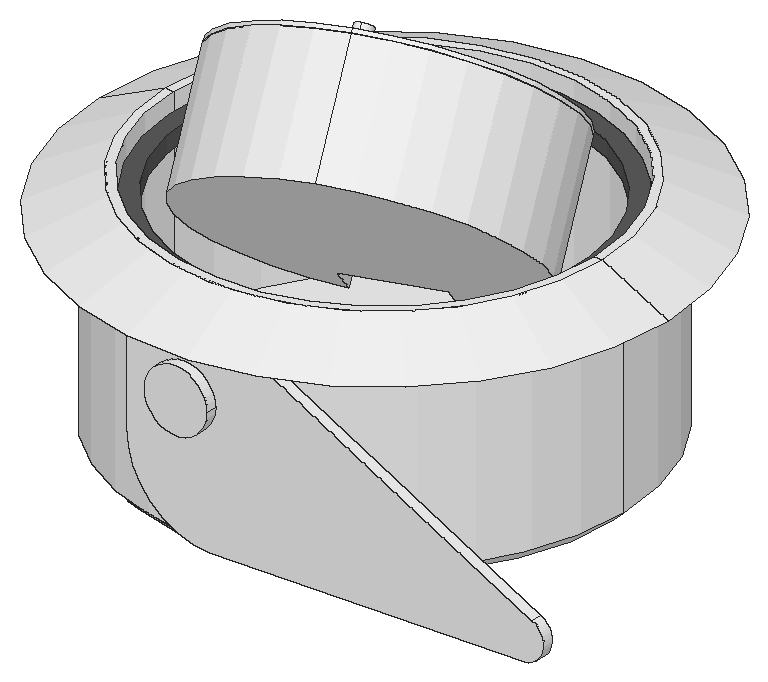
Revit family "Ciak 1.7", category Lighting Fixtures, host Face, Revit 2017
Family settings
  Host = Face
  Round Connector Dimension = Use Diameter
  Part Type = Normal
  Cut with Voids When Loaded = Yes
  Light Source = No
  Shared = No
  Room Calculation Point = Yes
Parameters (values of type "Ciak 1.7_L 52° (3000K 2.5W 24Vdc)")
  Wiring = "parallel"
  Width mm = 46 mm
  Weight kg = "0.07"
  Voltage = 24 V
  Vertical rotation adjusted [instance] = if(Vertical rotation > Vertical rotation max, Vertical rotation max, Vertical rotation)  # 45.00°
  Vertical rotation [instance] = 45.00°
  Vertical rotation max = 70.00°
  URL Technical sheet = "https://www.lucelight.it/media/prodotti/st/ST_CIAK_17.pdf"
  URL Image = "https://www.lucelight.it/media/prodotti/foto/ciak_1.7_still.jpg"
  URL IES Photometric file = "https://www.lucelight.it/media/prodotti/fotometrie/ciak_1.7_ies.zip"
  URL General code = "https://www.lucelight.it/en/prodotto.php/102865#a-generacodice"
  URL Description = "https://www.lucelight.it/en/capitolato.php/102865"
  URL DXF = "https://www.lucelight.it/media/prodotti/dxf/ciak_1.7.dxf"
  URL Catalogue = "https://www.lucelight.it/media/prodotti/brochure/ciak_brochure_en.pdf"
  URL Accessories and power supply units = "https://www.lucelight.it/en/prodotto.php/102865#a-scheda-accessori"
  URL = "https://www.lucelight.it/en/prodotto.php/102865"
  Trim = L&L_Black aluminium
  Radius void = 25 mm
  Power supply unit = "not included"
  Power supply = "24Vdc"
  Power cables = "includes 1.5 m PVC cable FROR 2x0.35/0.35 diam. 3.5 m"
  Power = "2.5W"
  Optics = "52°"
  Notes = "-"
  No. and type of led = "1 power LED"
  Model = "Ciak 1.7"
  Manufacturer = "L&L Luce&Light"
  Light Source = Light Source_1.7 : L52°
  Geometry 2 = Ciak 1.7_mod : Ciak 1.7
  Mounting = "recessed (ceiling, shelf, shop window)"
  Material = "body and trim in aluminium"
  Lumen output at source = "157 lm (3000K)"
  Lens = L&L_Lens
  Length mm = 46 mm
  LED Colour = "3000K (also available: 2700K and 4000K - ref. URL Technical sheet)"
  L1 = 10.5 mm
  IP = "40"
  Horizontal rotation [instance] = 70.00°
  Horizontal rotation max = 350.00°
  Horizontal rotation adjusted [instance] = if(Horizontal rotation > Horizontal rotation max, Horizontal rotation max, Horizontal rotation)  # 70.00°
  Height void = 19 mm
  Height mm = 22 mm
  Geometry 1 = Ciak 1.0_Geometry 1 : Ciak 1.0_Geometry 1
  Features = "-"
  Energy efficiency class = "A A+ A++"
  Description = "indoor recessed"
  Delivered lumen output = "144 lm (3000K, 29°)"
  Default Elevation = 1219.2 mm
  Cutout dimensions = "diam. 50 mm"
  Control system = "-"
  Contact = "T: +39 0444 360571; E: lucelight@lucelight.it"
  Company = "L&L Luce&Light"
  Code = "CK17001 B White; CK17001 N Black"
  CRI = "90"
  Body = L&L_White aluminium
  Geometry 3 = Ciak 1.0_Geometry 3 : Ciak 1.0_Geometry 3
  Apparent Load Phase 1 = 2.5 W
Types (5, lengths in mm): name | Optics | Light Source
  Ciak 1.7_L 52° (3000K 2.5W 24Vdc) | "52°" | Light Source_1.7 : L52°
  Ciak 1.7_M 29° (3000K 2.5W 24Vdc) | "29°" | Light Source_1.7 : M29°
  Ciak 1.7_P 48° (3000K 2.5W 24Vdc) | "48°" | Light Source_1.7 : P48°
  Ciak 1.7_S 17° (3000K 2.5W 24Vdc) | "17°" | Light Source_1.7 : S17°
  Ciak 1.7_W 16°x34° (3000K 2.5W 24Vdc) | "16°x34°" | Light Source_1.7 : W16°x34°
Reference planes
  plane 1 "Center (Front/Back)": y = 0
  plane 2: z = 0
  plane 3 "Center (Left/Right)": x = 0
  plane 4: z = -19
Forms (mm)
  Extrusion 1, void
    sketch origin (0, 0, 0) x (-0.939693, -0.34202, 0) y (-0.34202, 0.939693, 0)
      loop
        circle (0, 0) r 25
    from 0 to 19
Lines and regions (mm)
  reference lines
    curve 1: line (0, 0, 0) -> (-3.591, 9.867, 0)
    curve 2: line (-3.591, 9.867, 0) -> (-3.591, 9.867, 1.5)
Dimensions and locks
  "L1": curve 1 to curve 1
  "Height void": plane 4 to plane 2
  "Radius void": radius of Extrusion 1 sketch curve
  "Horizontal rotation adjusted": angle curve 1 to plane 1 "Center (Front/Back)"
  aligned and locked: plane 2 to host face
  aligned and locked: level to host face
  aligned and locked: Extrusion 1 to plane 4
  aligned and locked: plane 2 to Extrusion 1
Automatic sketch dimensions
  host sketch curve to host sketch curve = 2438.4 mm  (x2)
  curve 2 to curve 1 = 0 mm  (x2)
  curve 1 to curve 2 = 1.5 mm
  plane 1 "Center (Front/Back)" to curve 1 = 0 mm
  curve 1 to plane 3 "Center (Left/Right)" = 0 mm
  Extrusion 1 sketch curve to curve 1 = 0 mm  (x2)
Nested families
  nested 1: "Ciak 1.0_Geometry 3" at (0, 0, 0) x (0.342, -0.9397, 0) z (0, 0, 1), type <- "Geometry 3", type "Ciak 1.0_Geometry 3"
  nested 2: "Ciak 1.0_Geometry 1" at (0, 0, 0), type <- "Geometry 1", type "Ciak 1.0_Geometry 1"
  nested 3: "Ciak 1.7_mod" at (-3.591, 9.867, 1.1) x (-0.342, 0.9397, 0) z (0, 0, 1), type <- "Geometry 2", Vertical rotation <- "Vertical rotation adjusted", type "Ciak 1.7"
    with Vertical rotation 45.00°
  nested 4: "Light Source_1.7" at (-0.392, 3.174, 8.625) x (0.9397, 0.342, 0) z (-0.2418, 0.6645, 0.7071), type <- "Light Source", type "L52°"
Connectors
  electrical at (0, 0, 0), driven by "Voltage", driven by "Apparent Load Phase 1"
    settings: on host face, index 1, voltage 24 V, apparent load 0 VA, apparent load phase1 2.5 VA, apparent load phase2 0 VA, apparent load phase3 0 VA, power factor 1, load classification "Lighting", number of poles 1, system type 31, power factor state 1, is connector primary yes, connector utility no, sub classification motor no, connector description ""
Definition of nested family "Ciak 1.0_Geometry 3"
  Parameters (values of type "Ciak 01_Black Steel_01")
    Trim = none
    Default Elevation = 1219.2 mm
  Reference planes
    plane 1 "Light Source Axis (F/B)": y = 0
    plane 2: z = 0
    plane 3 "Light Source Axis (L/R)": x = 0
    plane 4 "Light Source Elevation": z = 1500
  Forms (mm)
    Extrusion 1, solid, material <- "Trim", detail levels fine
      sketch origin (56.403, -158.782, 3) x (1, 0, 0) y (0, 1, 0)
        loop
          arc (-73.344, 151.602) -> (-38.003, 158.782) -> (-73.344, 165.963) r 18.4
          arc (-73.344, 165.963) -> (-73.17, 164.078) -> (-71.503, 163.182) r 2
          line (-71.503, 163.182) -> (-66.903, 163.182) -> (-66.903, 154.382) -> (-71.503, 154.382)
          arc (-71.503, 154.382) -> (-73.17, 153.486) -> (-73.344, 151.602) r 2
        loop
          circle (-56.403, 158.782) r 20
      from -3 to -1.5
  Lines and regions (mm)
    model lines
      curve 1: circle (0, 0, 0) r 18.5 normal (0, 0, 1)
  Dimensions and locks
    aligned and locked: level to plane 2
Definition of nested family "Ciak 1.0_Geometry 1"
  Parameters (values of type "Ciak 1.0_Geometry 1")
    Radius [instance] = 23 mm
    Body = none
  Reference planes
    plane 1 "Light Source Axis (F/B)": y = 0
    plane 2: z = 0
    plane 3 "Light Source Axis (L/R)": x = 0
    plane 4 "Light Source Elevation": z = 1500
  Forms (mm)
    Revolve 1, solid, material <- "Body", detail levels medium+fine
      sketch origin (90.777, 0, 11.546) x (-1, 0, 0) y (0, 0, -1)
        loop
          line (90.777, 30.546) -> (68.777, 30.546) -> (67.777, 29.546) -> (67.777, 11.546) -> (70.577, 11.546) -> (70.577, 28.42) -> (90.777, 28.42) -> (90.777, 30.546)
        axis (90.777, 30.546) -> (90.777, 11.546)
      angle from 0 to 360
    Extrusion 2, solid, material <- "Body", detail levels fine
      sketch origin (90.777, -25.576, -12.82) x (-1, 0, 0) y (0, 0, -1)
        loop
          arc (88.327, 5.326) -> (73.196, 5.076) -> (58.095, 4.078) r 305.853
          arc (58.095, 4.078) -> (56.309, 2.447) -> (57.4, 0.288) r 2
          line (57.4, 0.288) -> (82.202, -11.808)
          arc (82.202, -11.808) -> (84.336, -12.564) -> (86.585, -12.82) r 10
          line (86.585, -12.82) -> (94.277, -12.82)
          arc (94.277, -12.82) -> (95.691, -12.235) -> (96.277, -10.82) r 2
          line (96.277, -10.82) -> (96.277, -2.674)
          arc (96.277, -2.674) -> (93.951, 2.965) -> (88.327, 5.326) r 8
      from -2.576 to -1.576
    Extrusion 3, solid, material <- "Body", detail levels fine
      sketch origin (-90.777, 25.576, -12.82) x (1, 0, 0) y (0, 0, -1)
        loop
          arc (88.327, 5.326) -> (73.196, 5.076) -> (58.095, 4.078) r 305.853
          arc (58.095, 4.078) -> (56.309, 2.447) -> (57.4, 0.288) r 2
          line (57.4, 0.288) -> (82.202, -11.808)
          arc (82.202, -11.808) -> (84.336, -12.564) -> (86.585, -12.82) r 10
          line (86.585, -12.82) -> (94.277, -12.82)
          arc (94.277, -12.82) -> (95.691, -12.235) -> (96.277, -10.82) r 2
          line (96.277, -10.82) -> (96.277, -2.674)
          arc (96.277, -2.674) -> (93.951, 2.965) -> (88.327, 5.326) r 8
      from -2.576 to -1.576
    Extrusion 4, solid, material <- "Body", detail levels fine
      sketch origin (0, 0, 50) x (-1, 0, 0) y (0, 0, -1)
        loop
          circle (0, 55.5) r 3
      from -24 to -25
    Extrusion 5, solid, material <- "Body", detail levels fine
      sketch origin (0, 0, 50) x (-1, 0, 0) y (0, 0, 1)
        loop
          circle (0, -55.5) r 3
      from -24 to -25
    Extrusion 6, solid, material <- "Body", detail levels coarse
      sketch origin (0, 0, -22) x (-1, 0, 0) y (0, -1, 0)
        loop
          circle (0, 0) r 27.3
      from 0 to 22
    Revolve 7, solid, material <- "Body", detail levels medium+fine
      sketch origin (0, 0, 0) x (1, 0, 0) y (0, 0, 1)
        loop
          line (21, 3) -> (20.2, 3) -> (20.2, 0) -> (27.3, 0) -> (21, 3)
        axis (0, 3) -> (0, 0)
      angle from 0 to 360
  Text (mm)
    text "22" at (174.731, 197.186, 0), in view "Ref. Level"
    text "4.49" at (199.986, 197.211, 0), in view "Ref. Level"
    text "26.49" at (176.99, 205.162, 0), in view "Ref. Level"
  Dimensions and locks
    aligned and locked: level to plane 2
Definition of nested family "Ciak 1.7_mod"
  Parameters (values of type "Ciak 1.7")
    Vertical rotation [instance] = 10.00°
    Lens = none
    Default Elevation = 1219.2 mm
    Body = none
  Reference planes
    plane 1 "Light Source Axis (F/B)": y = 0
    plane 2: z = 0
    plane 3 "Light Source Axis (L/R)": x = 0
    plane 4 "Light Source Elevation": z = 0
    plane 5: z = 0
  Lines and regions (mm)
    reference lines
      curve 1: line (0, 0, -6.093) -> (0, 0, 0)
      curve 2: line (0, 0, 0) -> (-135.711, 0, 23.929)
  Dimensions and locks
    "Vertical rotation": angle curve 2 to plane 5
    aligned and locked: level to plane 2
  Automatic sketch dimensions
    curve 2 to level = 0 mm
    curve 2 to plane 3 "Light Source Axis (L/R)" = 0 mm
    curve 1 to curve 1 = 6.093 mm
  Nested families
    nested 1: "Ciak 01_Movable Geometry_01" at (-10.343, 0, 1.824) x (-0.9848, 0, 0.1736) z (-0.1736, 0, -0.9848), type "Ciak 01_Movable Geometry_01"
    nested 2: "Ciak 01_Flat Cover_01" at (-10.331, 0, 1.822) x (-0.9848, 0, 0.1736) z (-0.1736, 0, -0.9848), type "Ciak 01_Flat Cover_01"
  Definition of nested family "Ciak 01_Movable Geometry_01"
    Parameters (values of type "Ciak 01_Movable Geometry_01")
      Lens = none
      Default Elevation = 1219.2 mm
      Body = none
    Reference planes
      plane 1 "Light Source Axis (F/B)": y = 0
      plane 2: z = 12
      plane 3 "Light Source Axis (L/R)": x = 0
      plane 4 "Light Source Elevation": z = 1500
      plane 5: z = 0
    Forms (mm)
      Extrusion 1, solid, material <- "Body", detail levels medium
        sketch origin (-15.04, 0, 0) x (1, 0, 0) y (0, 1, 0)
          loop
            circle (15.04, 0) r 15.04
        from 0 to 12
      Extrusion 2, void
        sketch origin (-15.04, 0, 0) x (1, 0, 0) y (0, 1, 0)
          loop
            arc (7.546, -0.015) -> (9.75, -5.31) -> (15.051, -7.5) r 7.5
            arc (15.051, -7.5) -> (21.619, -3.61) -> (21.376, 4.021) r 7.5
            arc (21.376, 4.021) -> (18.647, 6.578) -> (15.023, 7.5) r 7.5
            arc (15.023, 7.5) -> (9.73, 5.29) -> (7.546, -0.015) r 7.5
        from 3 to 10.193
      Extrusion 3, solid, material <- "Body", detail levels fine
        sketch origin (-15.04, 0, 0) x (1, 0, 0) y (0, 1, 0)
          loop
            arc (0.658, -4.4) -> (17.265, -14.874) -> (30.08, 0) r 15.04
            arc (30.08, 0) -> (17.265, 14.874) -> (0.658, 4.4) r 15.04
            line (0.658, 4.4) -> (4.54, 4.4) -> (4.54, -4.4) -> (0.658, -4.4)
        from 0 to 12
      Extrusion 4, solid, material <- "Body", detail levels coarse
        sketch origin (-15.04, 0, 0) x (1, 0, 0) y (0, 1, 0)
          loop
            circle (15.04, 0) r 15.04
        from 0 to 12
      Extrusion 5, solid, material <- "Lens", detail levels medium
        sketch origin (-15.04, 0, 0) x (1, 0, 0) y (0, 1, 0)
          loop
            arc (7.546, -0.015) -> (9.75, -5.31) -> (15.051, -7.5) r 7.5
            arc (15.051, -7.5) -> (21.619, -3.61) -> (21.376, 4.021) r 7.5
            arc (21.376, 4.021) -> (18.647, 6.578) -> (15.023, 7.5) r 7.5
            arc (15.023, 7.5) -> (9.73, 5.29) -> (7.546, -0.015) r 7.5
        from -0.1 to 0.358
      Extrusion 6, solid, material <- "Lens", detail levels fine
        sketch origin (-15.04, 0, 0) x (1, 0, 0) y (0, 1, 0)
          loop
            arc (7.546, -0.015) -> (9.75, -5.31) -> (15.051, -7.5) r 7.5
            arc (15.051, -7.5) -> (21.619, -3.61) -> (21.376, 4.021) r 7.5
            arc (21.376, 4.021) -> (18.647, 6.578) -> (15.023, 7.5) r 7.5
            arc (15.023, 7.5) -> (9.73, 5.29) -> (7.546, -0.015) r 7.5
        from -0.1 to 0.358
    Cuts and joins
      Extrusion 2 cuts Extrusion 1
    Dimensions and locks
      plane 2 to plane 5 = 12 mm
      plane 2 to level = 12 mm
      aligned and locked: plane 2 to Extrusion 4
      aligned and locked: Extrusion 4 to cut or joined group of Extrusion 1, Extrusion 2
  Definition of nested family "Ciak 01_Flat Cover_01"
    Parameters (values of type "Ciak 01_Flat Cover_01")
      Default Elevation = 4.5 mm
      Body = none
    Reference planes
      plane 1 "Light Source Axis (F/B)": y = 0
      plane 2: z = 0
      plane 3 "Light Source Axis (L/R)": x = 0
      plane 4 "Light Source Elevation": z = 1500
      plane 5: z = -4.9
    Forms (mm)
      Extrusion 1, solid, material <- "Body", detail levels fine
        sketch origin (0, 0, 0) x (1, 0, 0) y (0, 1, 0)
          loop
            line (-14.376, 4.4) -> (-10.487, 4.4) -> (-10.487, -4.396) -> (-14.377, -4.396)
            arc (-14.377, -4.396) -> (2.222, -14.869) -> (15.034, 0) r 15.034
            arc (15.034, 0) -> (2.224, 14.868) -> (-14.376, 4.4) r 15.034
          loop
            arc (-0.017, 7.5) -> (-5.31, 5.29) -> (-7.494, -0.015) r 7.5
            arc (-7.494, -0.015) -> (-5.29, -5.31) -> (0.01, -7.5) r 7.5
            arc (0.01, -7.5) -> (6.579, -3.61) -> (6.336, 4.021) r 7.5
            arc (6.336, 4.021) -> (3.607, 6.578) -> (-0.017, 7.5) r 7.5
        from -0.4 to 0
      Extrusion 2, solid, material <- "Body", detail levels fine
        sketch origin (0, 0, 0) x (1, 0, 0) y (0, 1, 0)
          loop
            circle (12.33, 0) r 0.822
        from -0.4 to -1.4
    Dimensions and locks
      aligned and locked: level to plane 2
Definition of nested family "Light Source_1.7"
  Parameters (values of type "L52°")
    Wattage = 1.05694 W
    built-in parameter 1150110 = 1 (stored number, unit not read)
    built-in parameter 1114217 = 1 (stored number, unit not read)
    Tilt Angle = 0.00°
    built-in parameter 1150109 = 1 (stored number, unit not read)
    built-in parameter 1150134 = (empty or 0)
    built-in parameter 1150113 = 1 (stored number, unit not read)
    Photometric Web File = "CIAK 1.7 L 52° [3000K 2.5W 24Vdc].IES"
    Lumens = 157 lm
    built-in parameter 1150115 = 1 (stored number, unit not read)
    built-in parameter 1150105 = 12.494 (stored number, unit not read)
    built-in parameter 1150137 = (empty or 0)
    built-in parameter 1150139 = (empty or 0)
    built-in parameter 1150112 = 1 (stored number, unit not read)
    built-in parameter 1150114 = 1 (stored number, unit not read)
    built-in parameter 1150132 = 2
    built-in parameter 1150102 = (empty or 0)
    built-in parameter 1150138 = (empty or 0)
    built-in parameter 1150107 = 3000 (stored number, unit not read)
    built-in parameter 1150106 = 0.12494 (stored number, unit not read)
    built-in parameter 1150104 = 13.8 (stored number, unit not read)
    Dimming Lamp Color Temperature Shift = (empty or 0)
    Default Elevation = 1219.2 mm
    Color Filter = 16777215
    built-in parameter 1114218 = 1 (stored number, unit not read)
    built-in parameter 1150133 = 10 (stored number, unit not read)
  Types (5, lengths in mm): name | Photometric Web File
    L52° | "CIAK 1.7 L 52° [3000K 2.5W 24Vdc].IES"
    M29° | "CIAK 1.7 M 29° [3000K 2.5W 24Vdc].IES"
    P48° | "CIAK 1.7 P (48°) [3000K 2.5W 24Vdc].IES"
    S17° | "CIAK 1.7 S 17° [3000K 2.5W 24Vdc].IES"
    W16°x34° | "CIAK 1.7 W 16°x34° [3000K 2.5W 24Vdc].IES"
  Reference planes
    plane 1 "Light Source Axis (F/B)": y = 0
    plane 2: z = 0
    plane 3 "Light Source Axis (L/R)": x = 0
    plane 4 "Light Source Elevation": z = 0
  Dimensions and locks
    aligned and locked: plane 1 "Light Source Axis (F/B)" to imposter light
    aligned and locked: level to plane 2
